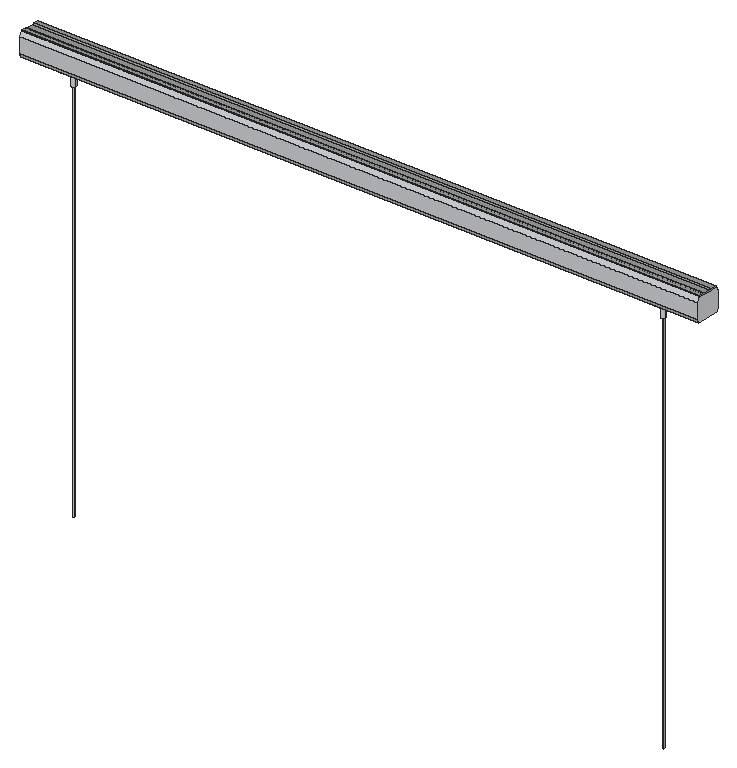
Revit family "0042528 Sylvania Lighting Fixture ISOLINE  1690MM 4K ASYR 5C", category Lighting Fixtures, host Face, Revit 2018
Family settings
  Host = Face
  Round Connector Dimension = Use Diameter
  Part Type = Normal
  OmniClass Number = 23.80.70.00
  OmniClass Title = Lighting
  Cut with Voids When Loaded = No
  Light Source = Yes
  Shared = No
  Room Calculation Point = No
Parameters (values of type "0042528 ISOLINE  1690MM 4K ASYR 5C")
  suspension height = 1000 mm
  spacer height = 5 mm
  spacer centres = 1000 mm
  height = 58.791 mm
  Width = 62 mm
  Weight = "n/a"
  Wattage Comments = ""
  Wattage = 9.2903 W
  WarrantyStartDate [instance] = "n/a"
  WarrantyGuarantorParts = "n/a"
  WarrantyDurationUnit = "n/a"
  WarrantyDurationParts = ""
  WarrantyDescription = "http://www.sylvania-lighting.com"
  built-in parameter 1150110 = 1 (stored number, unit not read)
  Voltage = 0 V
  URL = "0"
  TypeName = "ISOLINE  1690MM 4K ASYR 5C"
  Type Image = <None>
  Type Comments = "n/a"
  built-in parameter 1114217 = 1 (stored number, unit not read)
  Tilt Angle = 90.00°
  built-in parameter 1150109 = 1 (stored number, unit not read)
  built-in parameter 1150134 = 3
  built-in parameter 1150113 = 1 (stored number, unit not read)
  SerialNumber [instance] = "n/a"
  Photometric Web File = "0042528.ies"
  Material_3_FEILO = none
  PowerFactor = 0
  PowerConsumption = "Lighting"
  NominalLength = 62 mm
  NominalHeight = 0 mm
  NominalDepth = 0 mm
  Name = "ISOLINE  1690MM 4K ASYR 5C"
  ModelReference = Name  # "ISOLINE  1690MM 4K ASYR 5C"
  ModelNumber = "0042528"
  Model = Name  # "ISOLINE  1690MM 4K ASYR 5C"
  Material = "Feilo Sylvania"
  ManufacturerName = "140 lm/W"
  Manufacturer = ""
  LuminousEfficacy = ""
  built-in parameter 1150105 = 109.82 (stored number, unit not read)
  Lumens = 1380 lm
  LuminaireType = "0"
  built-in parameter 1150115 = 1 (stored number, unit not read)
  LightOutputRatio = "LED"
  built-in parameter 1150137 = (empty or 0)
  built-in parameter 1150139 = (empty or 0)
  Length = 1690 mm
  LampsType = Lamp  # "n/a"
  LampNominalLuminous = "4000 K"
  LampMacAdamStep = "80"
  LampColourTemperature = "LED"
  LampColourRenderingIndex = "16500"
  built-in parameter 1150112 = 1 (stored number, unit not read)
  built-in parameter 1150114 = 1 (stored number, unit not read)
  Lamp = "n/a"
  Keynote = "n/a"
  InstallationDate [instance] = "n/a"
  InputVoltage = "0"
  InputNominalFrequency = "4000"
  built-in parameter 1150132 = (empty or 0)
  built-in parameter 1150102 = (empty or 0)
  built-in parameter 1150107 = 3200 (stored number, unit not read)
  built-in parameter 1150138 = (empty or 0)
  IngressProtection = "IfcLightFixtureType"
  ImpactProtectionIndex = "IfcLightFixtureType"
  built-in parameter 1150106 = 1.0982 (stored number, unit not read)
  IfcExportType = "IfcLightFixtureType"
  IfcExportAs = "Class I"
  Height = 1000 mm
  ExpectedLife = 50000
  Emit from Circle Diameter = 609.6 mm
  Emit Shape Visible in Rendering = no
  ElectricShockClassification = "140"
  built-in parameter 1150104 = 13.8 (stored number, unit not read)
  DurationUnit = "hours"
  DocumentationLiterature = "http://www.sylvania-lighting.com/product/en-int/products/0042528"
  DimmingControlOptions = "n/a"
  Material_2_FEILO = none
  Dimming Lamp Color Temperature Shift = <None>
  Description = "Isoline LED linear luminaire for industrial and commercial applications. 1690 mm lenght with asymmetrical (Right) optics provide homogenous light distribution for wide, shelf areas. Aluminium housing, RAL 9016. Max + 35 °C operating temperature range, 4000 K, CRI 80, 3 SDMC. 57 W power consumption, 8000 lm luminous flux, 140 lm/W efficacy, 1690 mm x 62 mm x 59 mm (L x W x H) dimensions, IP20, IK03, 220-240 V 50/60 Hz, Class I.Lifespan L70:B50 60,000 hours."
  Default Elevation = 1219.2 mm
  CreatedOn = "04/03/2021"
  CreatedBy = "@sylvania-lighting.com"
  Cost = 0
  Color Filter = 16777215
  built-in parameter 1114216 [instance] = (empty or 0)
  ClassificationValue = "EF_70_80"
  ClassificationName = "Uniclass2015"
  Material_1_FEILO = none
  BarCode [instance] = "n/a"
  built-in parameter 1114218 = 1 (stored number, unit not read)
  built-in parameter 1150133 = 10 (stored number, unit not read)
  AssetType = "Fixed"
  AssetIdentifier [instance] = "n/a"
  Assembly Code = "D5020200"
  Apparent Load = 57 VA
  Material_4_FEILO = none
Reference planes
  plane 1 "Center (Front/Back)": y = 0
  plane 2: z = 0
  plane 3 "Center (Left/Right)": x = 0
  plane 4: z = 0
  plane 5: z = 1000
  plane 6: y = 31
  plane 7: y = -31
  plane 8: x = -845
  plane 9: x = 845
  plane 10: x = -37.307
  plane 11: x = 55
  plane 12: z = 1058.791
  plane 13: z = 51
  plane 14: y = -27
  plane 15: y = 27
  plane 16: z = 12
  plane 17: y = -24.969
  plane 18: y = 25
  plane 19: y = 12
  plane 20: y = -12
  plane 21: z = 1.634
  plane 22: y = -8
  plane 23: y = 8
  plane 24: z = 995
  plane 25: y = 26.98
  plane 26: y = 16.98
  plane 27: y = -27.027
  plane 28: y = -17.004
  plane 29: z = 996.5
  plane 30: y = 26.002
  plane 31: y = -26.027
  plane 32: through (-1580, 7.965, 1219.2) normal (0.5391, 0.8423, 0)
  plane 33: through (-1555, 7.965, 1219.2) normal (0.5391, -0.8423, 0)
  plane 34: through (1555, 7.965, 1219.2) normal (0.5391, 0.8423, 0)
  plane 35: through (1580, 8, 1219.2) normal (0.5399, -0.8417, 0)
  plane 36: z = 1058.003
  plane 37: z = 1056.819
  plane 38: x = -735
  plane 39: x = 735
Forms (mm)
  Extrusion 1, solid, detail levels medium+fine
    sketch origin (-1690, -1523.717, -160.594) x (0, -1, -0.000261) y (0, 0.000261, -1)
      loop
        line (-1493, -1168.2) -> (-1497, -1160.2) -> (-1551, -1160.2) -> (-1555, -1168.2) -> (-1555, -1207.2) -> (-1549.109, -1218.982) -> (-1535.466, -1218.982) -> (-1532, -1217.566) -> (-1516, -1217.566) -> (-1512.511, -1218.991) -> (-1498.896, -1218.991) -> (-1493, -1207.2) -> (-1493, -1168.2)
    from 845 to 2535
  Extrusion 2, solid
    sketch origin (722.452, 1524, 1219.247) x (0, 1, 0) y (0, 0, 1)
      loop
        line (-1497.021, -219.189) -> (-1498.02, -219.189) -> (-1507.02, -223.699) -> (-1541.004, -223.699) -> (-1550.017, -219.203) -> (-1551.02, -219.203) -> (-1541.004, -224.2) -> (-1507.02, -224.2) -> (-1497.021, -219.189)
    from 0 to 25
  Extrusion 3, solid
    sketch origin (-747.495, 1524, 1219.189) x (0, 1, 0) y (0, 0, 1)
      loop
        line (-1497.021, -219.189) -> (-1498.02, -219.189) -> (-1507.02, -223.699) -> (-1541.004, -223.699) -> (-1550.017, -219.203) -> (-1551.02, -219.203) -> (-1541.004, -224.2) -> (-1507.02, -224.2) -> (-1497.021, -219.189)
    from 0 to 25
  Extrusion 4, solid
    sketch origin (836.384, 0, 0) x (1, 0, 0) y (0, 1, 0)
      loop
        circle (-1571.7, -0.035) r 5
    from 962.277 to 995
  Extrusion 5, solid
    sketch origin (2306.545, 0.065, 0) x (1, 0, 0) y (0, 1, 0)
      loop
        circle (-1571.7, -0.035) r 5
    from 962.277 to 995
  Extrusion 6, solid
    sketch origin (836.717, 0, 0) x (1, 0, 0) y (0, 1, 0)
      loop
        circle (-1571.7, -0.035) r 1.5
    from 0 to 962.277
  Extrusion 7, solid
    sketch origin (2306.663, 0.033, 0) x (1, 0, 0) y (0, 1, 0)
      loop
        circle (-1571.7, -0.035) r 1.5
    from 0 to 962.277
  Extrusion 8, solid, material "Glass, White, High Luminance", detail levels fine
    sketch origin (319, 1524, 1219.2) x (0, 1, 0) y (0, 0, 1)
      loop
        line (-1498.926, -160.099) -> (-1512.703, -160.099) -> (-1516.213, -161.534) -> (-1531.9, -161.534) -> (-1535.47, -160.114) -> (-1549.12, -160.114) -> (-1549.12, -161.197) -> (-1535.782, -161.197) -> (-1532.805, -162.381) -> (-1515.468, -162.381) -> (-1512.929, -161.197) -> (-1498.926, -161.197) -> (-1498.926, -160.099)
    from -1164 to 526
  Extrusion 9, solid, detail levels coarse
    sketch origin (319, 1524, 1219.2) x (0, 1, 0) y (0, 0, 1)
      loop
        line (-1493, -160.052) -> (-1555, -160.052) -> (-1555, -1219.2) -> (-1493, -1219.2) -> (-1493, -160.052)
    from -1164 to 526
Dimensions and locks
  "Width": plane 6 to plane 7
  equal spacing: plane 6, plane 1 "Center (Front/Back)", plane 7
  "Length": plane 8 to plane 9
  equal spacing: plane 8, plane 3 "Center (Left/Right)", plane 9
  "height": plane 12 to plane 5
  "suspension height": plane 5 to level
  aligned and locked: host face to plane 2
  aligned and locked: host face to level
Automatic sketch dimensions
  host sketch curve to host sketch curve = 3582.803 mm
  host sketch curve to host sketch curve = 2438.4 mm
  Extrusion 1 sketch curve to plane 25 = 0 mm
  Extrusion 1 sketch curve to plane 6 = 0.033 mm
  Extrusion 1 sketch curve to plane 12 = 11.778 mm
  Extrusion 1 sketch curve to Extrusion 1 sketch curve = 4 mm  (x2)
  Extrusion 1 sketch curve to Extrusion 1 sketch curve = 5.891 mm
  Extrusion 1 sketch curve to Extrusion 1 sketch curve = 13.643 mm
  Extrusion 1 sketch curve to Extrusion 1 sketch curve = 3.466 mm
  Extrusion 1 sketch curve to Extrusion 1 sketch curve = 16 mm
  Extrusion 1 sketch curve to Extrusion 1 sketch curve = 3.489 mm
  Extrusion 1 sketch curve to Extrusion 1 sketch curve = 13.615 mm
  Extrusion 1 sketch curve to Extrusion 1 sketch curve = 54 mm
  Extrusion 1 sketch curve to Extrusion 1 sketch curve = 47 mm
  Extrusion 1 sketch curve to Extrusion 1 sketch curve = 10.366 mm
  Extrusion 1 sketch curve to Extrusion 1 sketch curve = 1.425 mm
  Extrusion 1 sketch curve to Extrusion 1 sketch curve = 11.782 mm
  Extrusion 1 sketch curve to Extrusion 1 sketch curve = 8 mm  (x2)
  Extrusion 2 sketch curve to plane 28 = 0 mm  (x2)
  Extrusion 2 sketch curve to plane 26 = 0 mm  (x2)
  plane 5 to Extrusion 2 sketch curve = 0.058 mm
  Extrusion 2 sketch curve to plane 31 = 0.01 mm
  Extrusion 2 sketch curve to plane 27 = 0.007 mm
  plane 30 to Extrusion 2 sketch curve = 0.022 mm
  plane 25 to Extrusion 2 sketch curve = 0.001 mm
  plane 5 to Extrusion 2 sketch curve = 0.044 mm
  plane 24 to Extrusion 2 sketch curve = 0.547 mm
  plane 24 to Extrusion 2 sketch curve = 0.047 mm
  Extrusion 3 sketch curve to plane 28 = 0 mm  (x2)
  Extrusion 3 sketch curve to plane 26 = 0 mm  (x2)
  Extrusion 3 sketch curve to plane 5 = 0 mm
  Extrusion 3 sketch curve to plane 31 = 0.01 mm
  Extrusion 3 sketch curve to plane 27 = 0.007 mm
  plane 30 to Extrusion 3 sketch curve = 0.022 mm
  plane 25 to Extrusion 3 sketch curve = 0.001 mm
  Extrusion 3 sketch curve to plane 5 = 0.014 mm
  plane 24 to Extrusion 3 sketch curve = 0.489 mm
  Extrusion 3 sketch curve to plane 24 = 0.011 mm
  plane 32 to Extrusion 4 sketch curve = 448.592 mm
  plane 33 to Extrusion 4 sketch curve = 448.592 mm
  Extrusion 5 sketch curve to plane 1 "Center (Front/Back)" = 0.029 mm
  plane 32 to Extrusion 6 sketch curve = 448.771 mm
  plane 33 to Extrusion 6 sketch curve = 448.771 mm
  plane 1 "Center (Front/Back)" to Extrusion 7 sketch curve = 0.002 mm
  Extrusion 8 sketch curve to plane 36 = 0 mm  (x2)
  Extrusion 8 sketch curve to plane 37 = 0 mm
  plane 17 to Extrusion 8 sketch curve = 0.151 mm
  Extrusion 8 sketch curve to plane 20 = 0.218 mm
  plane 12 to Extrusion 8 sketch curve = 0.295 mm
  Extrusion 8 sketch curve to plane 20 = 0.53 mm
  plane 22 to Extrusion 8 sketch curve = 0.805 mm
  Extrusion 8 sketch curve to plane 22 = 0.1 mm
  plane 23 to Extrusion 8 sketch curve = 0.213 mm
  Extrusion 8 sketch curve to plane 23 = 0.532 mm
  plane 19 to Extrusion 8 sketch curve = 0.929 mm
  Extrusion 8 sketch curve to plane 18 = 0.074 mm
  plane 37 to Extrusion 8 sketch curve = 0.848 mm
  plane 19 to Extrusion 8 sketch curve = 0.703 mm
  plane 12 to Extrusion 8 sketch curve = 0.31 mm
  Extrusion 9 sketch curve to plane 7 = 0 mm
  Extrusion 9 sketch curve to plane 6 = 0 mm
  Extrusion 9 sketch curve to plane 29 = 996.5 mm
  plane 12 to Extrusion 9 sketch curve = 0.357 mm
  Extrusion 5 sketch curve to plane 39 = 0.155 mm
  Extrusion 7 sketch curve to plane 39 = 0.037 mm
  radius of Extrusion 4 sketch curve = 5 mm
  radius of Extrusion 5 sketch curve = 5 mm
  radius of Extrusion 6 sketch curve = 1.5 mm
  radius of Extrusion 7 sketch curve = 1.5 mm
Connectors
  electrical at (0, -0.02, 1000.004)
    settings: on Extrusion 1, index 1, voltage 0 V, apparent load 0 VA, apparent load phase1 0 VA, apparent load phase2 0 VA, apparent load phase3 0 VA, power factor 1, load classification "Other", number of poles 1, system type 31, power factor state 1, is connector primary yes, connector utility no, sub classification motor no, connector description ""
